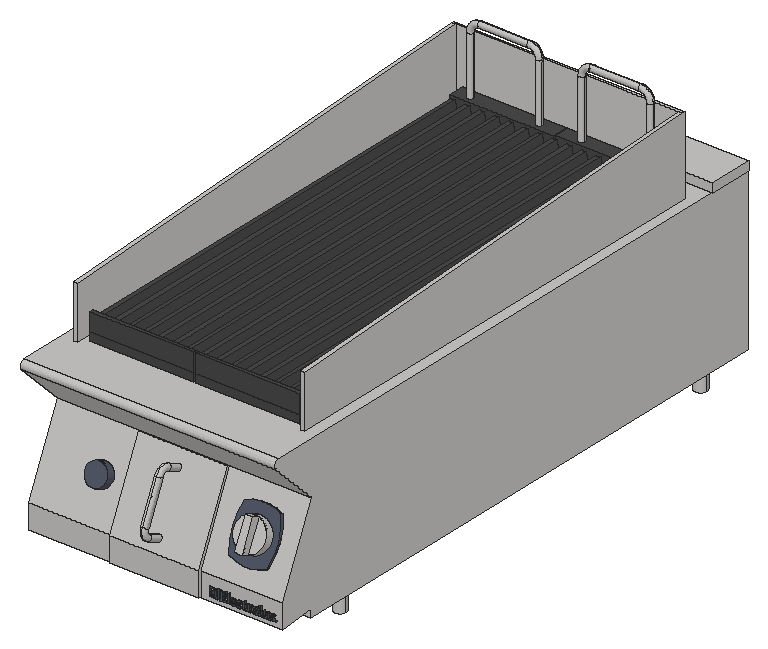
Revit family "QF_ELECTROLUXPROFESSIONAL_391219_E9GRGDGC0P", category Specialty Equipment, Revit 2018
Family settings
  Round Connector Dimension = Use Diameter
  Part Type = Normal
  Work Plane-Based = No
  Always vertical = Yes
  Cut with Voids When Loaded = No
  Shared = No
  Room Calculation Point = No
Parameters
  Width = 400 mm  # constant formula
  Weight in Pounds = 60  # constant formula
  Watts = 0 W
  URL Cutsheet = "www.electrolux.com"
  URL = "www.electrolux.com"
  Type Mark [instance] = ""
  Status [instance] = ""
  Specification by User [instance] = ""
  Specification by Manufacturer = ""
  Show Logo [instance] = yes
  Show Clearance [instance] = yes
  Serial Number = ""
  Seismic Rating = ""
  SMACNA No = ""
  Revision Code [instance] = ""
  Omniclass Number and Title = ""
  NAFEM Spec ID Number = ""
  Model = "391219"
  Mechanical Remarks [instance] = ""
  Mechanical Connection Type [instance] = ""
  Masterspec = ""
  Manufacturer = "ELECTROLUX"
  Item Number [instance] = ""
  Installed By [instance] = ""
  Identify Quantity as Lot [instance] = yes
  HP = "0 HP"
  Gas Size = 3/4"
  Gas RI Height [instance] = 0 mm
  Gas KW [instance] = 10.5  # constant formula
  Gas Input [instance] = 35794.5 Btu/h
  Gas Connection Height = 0 mm
  Furnished By [instance] = ""
  Foodservice Equipment Identifier [instance] = yes
  Direct Waste Size = 0"
  Description = "900XP HALF MODULE GAS POWERGRILL TOP HP -NATURAL/LPG GAS"
  Depth = 930 mm  # constant formula
  CSI MasterFormat = ""
  CSI Master Format = ""
  Base Height [instance] = 0 mm
Reference planes
  plane 1 "BACK": y = 0
  plane 2: z = 0
  plane 3 "LEFT": x = 0
  plane 4 "RIGHT": x = 400
  plane 5 "FRONT": y = -930
  plane 6 "TOP": z = 275
  plane 7 "Center Y": x = 200
  plane 8 "Center X": y = -465
  plane 9: z = 24
  plane 10: z = 424
  plane 11: x = 11
  plane 12: y = -1690
  plane 13: y = -80
  plane 14: y = -788
  plane 15: y = -941
  plane 16: x = 389
Forms (mm)
  Extrusion 1, solid, material "QF_Finishes_Black"
    sketch origin (52.271, -831.985, 287.7) x (-0.153405, 0, 0.988163) y (-0.988163, 0, -0.153405)
      loop
        line (31.654, 12.538) -> (2.646, 17.041) -> (-22.417, -144.4) -> (6.591, -148.903) -> (31.654, 12.538)
      loop
        line (-47.971, -309.003) -> (-18.962, -313.506) -> (6.1, -152.065) -> (-22.908, -147.562) -> (-47.971, -309.003)
    from 5 to 0
  Extrusion 2, solid, material "QF_Finishes_Stainless Steel"
    sketch origin (0, 0, 0) x (0, 1, 0) y (0, 0, 1)
      loop
        line (0, 275) -> (-922.639, 275)
        arc (-922.639, 275) -> (-929.44, 270.456) -> (-927.844, 262.434) r 7.361
        line (-927.844, 262.434) -> (-857.044, 191.634) -> (-913.4, 69.19) -> (-913.4, 31.09) -> (-860.028, 36.7) -> (-860.028, 24) -> (0, 24) -> (0, 275)
    from 0 to 400
  Extrusion 3, solid, material "QF_Finishes_Stainless Steel"
    sketch origin (0, 0, 0) x (1, 0, 0) y (0, 1, 0)
      loop
        circle (11, -80) r 9.525
      loop
        circle (11, -788) r 9.525
      loop
        circle (389, -80) r 9.525
      loop
        circle (389, -788) r 9.525
    from 0 to 24
  Extrusion 4, solid, material "QF_Finishes_Stainless Steel"
    sketch origin (151.15, -199.714, 0) x (0, 1, 0) y (0, 0, 1)
      loop
        line (-657.416, 191.447) -> (-660.323, 192.784) -> (-716.972, 69.704) -> (-716.972, 30.903) -> (-713.772, 30.903) -> (-713.772, 69.003) -> (-657.416, 191.447)
    from -21.15 to 118.85
  Sweep 5, solid, material "QF_Finishes_Stainless Steel"
    path origin (200, 175.397, 1219.2) x (0, 1, 0) y (0, 0, 1)
      loop
        line (-1045.726, -1048.776) -> (-1066.355, -1039.282)
        arc (-1066.355, -1039.282) -> (-1076.068, -1038.906) -> (-1083.202, -1045.508) r 12.7
        line (-1083.202, -1045.508) -> (-1110.749, -1105.361)
        arc (-1110.749, -1105.361) -> (-1111.125, -1115.074) -> (-1104.523, -1122.207) r 12.7
        line (-1104.523, -1122.207) -> (-1083.894, -1131.702)
    profile origin (200, -880.643, 175.171) x (0, -0.418102, -0.9084) y (1, 0, 0)
      loop
        circle (0, 0) r 4.572
  Extrusion 6, solid, material "QF_Finishes_Navy Blue"
    sketch origin (653.031, -927.103, 39.419) x (0, 0.418102, 0.9084) y (-1, 0, 0)
      loop
        circle (98.862, 559.801) r 17.8
    from 0 to 12.7
  Extrusion 7, solid, material "QF_Door-Drawer Clearances", visible <- "Show Clearance", detail levels coarse
    sketch origin (200, 175.397, 1219.2) x (0, 1, 0) y (0, 0, 1)
      loop
        line (-1035.434, -1026.416) -> (-1784.369, -1026.416) -> (-1841.019, -1149.496) -> (-1841.019, -1188.297) -> (-1092.084, -1188.297) -> (-1092.084, -1149.496) -> (-1035.434, -1026.416)
    from 70 to -70
  Extrusion 8, solid, material "QF_Finishes_Navy Blue"
    sketch origin (-203.02, -913.486, 69.003) x (0, 0.418102, 0.9084) y (-1, 0, 0)
      loop
        arc (102.623, -510.47) -> (67.041, -502.846) -> (31.333, -509.853) r 90.5
        arc (31.333, -509.853) -> (24.507, -539.04) -> (31.333, -568.228) r 65.817
        arc (31.333, -568.228) -> (67.04, -575.188) -> (102.623, -567.615) r 91.066
        arc (102.623, -567.615) -> (109.179, -539.043) -> (102.623, -510.47) r 65.546
    from 0 to 3.175
  Extrusion 9, solid, material "QF_Finishes_Stainless Steel"
    sketch origin (175.73, -917.2, 68.529) x (0, 0.418102, 0.9084) y (-1, 0, 0)
      loop
        circle (68.826, -160.963) r 25.4
    from 0 to 12.7
  Extrusion 10, solid, material "QF_Finishes_Stainless Steel"
    sketch origin (175.73, -928.736, 73.839) x (0, 0.418102, 0.9084) y (-1, 0, 0)
      loop
        arc (93.558, -166.749) -> (94.226, -160.963) -> (93.558, -155.177) r 25.4
        line (93.558, -155.177) -> (44.094, -155.177)
        arc (44.094, -155.177) -> (43.426, -160.963) -> (44.094, -166.749) r 25.4
        line (44.094, -166.749) -> (93.558, -166.749)
    from 0 to 12.7
  Sweep 11, solid, material "QF_Door-Drawer Clearances", visible <- "Show Clearance", detail levels coarse
    path origin (200, 175.397, 1219.2) x (0, 1, 0) y (0, 0, 1)
      loop
        line (-1794.661, -1048.776) -> (-1815.29, -1039.282)
        arc (-1815.29, -1039.282) -> (-1825.003, -1038.906) -> (-1832.136, -1045.508) r 12.7
        line (-1832.136, -1045.508) -> (-1859.684, -1105.361)
        arc (-1859.684, -1105.361) -> (-1860.06, -1115.074) -> (-1853.457, -1122.207) r 12.7
        line (-1853.457, -1122.207) -> (-1832.829, -1131.702)
    profile origin (200, -1629.578, 175.171) x (0, -0.418102, -0.9084) y (1, 0, 0)
      loop
        circle (0, 0) r 4.572
  Extrusion 12, solid, material "QF_Finishes_Stainless Steel"
    sketch origin (35.025, -104.885, 275) x (0, 0, 1) y (1, 0, 0)
      loop
        line (0, -16.35) -> (121.363, -16.35) -> (121.363, 346.3) -> (0, 346.3) -> (0, -16.35)
    from 0 to 3.2
  Extrusion 13, solid, material "QF_Finishes_Stainless Steel"
    sketch origin (0, -101.6, 24) x (-1, 0, 0) y (0, 1, 0)
      loop
        circle (-347.9, -561.4) r 6.35
    from 0 to 9
  Extrusion 14, solid, material "QF_Finishes_Stainless Steel"
    sketch origin (25.025, -104.885, 396.363) x (0, -1, 0) y (0, 0, -1)
      loop
        line (0, 0) -> (743.115, 38.857) -> (743.115, 121.362) -> (0, 121.363) -> (0, 0)
    from 0 to -6.35
  Extrusion 15, solid, material "QF_Finishes_Stainless Steel"
    sketch origin (374.975, -104.885, 396.363) x (0, -1, 0) y (0, 0, 1)
      loop
        line (0, 0) -> (0, -121.363) -> (743.115, -121.362) -> (743.115, -38.857) -> (0, 0)
    from 0 to -6.35
  Sweep 16, solid, material "QF_Finishes_Stainless Steel"
    path origin (-10.789, -118.772, 31.265) x (0, 0, 1) y (-1, 0, 0)
      loop
        line (280.79, -69.374) -> (372.677, -69.374)
        arc (372.677, -69.374) -> (383.453, -73.837) -> (387.917, -84.614) r 15.24
        line (387.917, -84.614) -> (387.917, -162.056)
        arc (387.917, -162.056) -> (383.453, -172.833) -> (372.677, -177.296) r 15.24
        line (372.677, -177.296) -> (280.79, -177.296)
    profile origin (58.585, -118.772, 357.999) x (-1, 0, 0) y (0, -1, 0)
      loop
        circle (0, 0) r 4.572
  Sweep 17, solid, material "QF_Finishes_Stainless Steel"
    path origin (410.789, -118.772, 31.265) x (0, 0, 1) y (-1, 0, 0)
      loop
        line (280.79, 69.374) -> (372.677, 69.374)
        arc (372.677, 69.374) -> (383.453, 73.837) -> (387.917, 84.614) r 15.24
        line (387.917, 84.614) -> (387.917, 162.056)
        arc (387.917, 162.056) -> (383.453, 172.833) -> (372.677, 177.296) r 15.24
        line (372.677, 177.296) -> (280.79, 177.296)
    profile origin (341.415, -118.772, 357.999) x (-1, 0, 0) y (0, -1, 0)
      loop
        circle (0, 0) r 4.572
  Extrusion 18, solid, material "QF_Finishes_Black"
    sketch origin (0, 0, 275) x (0, -1, 0) y (1, 0, 0)
      loop
        line (836.985, 198.45) -> (130.285, 198.45) -> (130.285, 35.025) -> (836.985, 35.025) -> (836.985, 198.45)
      loop
        line (836.985, 201.55) -> (836.985, 364.975) -> (130.285, 364.975) -> (130.285, 201.55) -> (836.985, 201.55)
    from 0 to 12.7
  Extrusion 19, solid, material "QF_Finishes_Black"
    sketch origin (0, 0, 287.7) x (0, -1, 0) y (1, 0, 0)
      loop
        line (104.885, 198.45) -> (104.885, 35.025) -> (130.285, 35.025) -> (130.285, 198.45) -> (104.885, 198.45)
      loop
        line (130.285, 201.55) -> (130.285, 364.975) -> (104.885, 364.975) -> (104.885, 201.55) -> (130.285, 201.55)
    from 0 to 24.356
  Extrusion 20, solid, material "QF_Finishes_Stainless Steel"
    sketch origin (0, 0, 275) x (0, -1, 0) y (1, 0, 0)
      loop
        line (0, 400) -> (0, 0) -> (69.85, 0) -> (69.85, 400) -> (0, 400)
    from 0 to 15
  Extrusion 21, solid, material "QF_Clearances", visible <- "Show Clearance", detail levels coarse
    sketch origin (0, 0, 0) x (1, 0, 0) y (0, 1, 0)
      loop
        line (400, -930) -> (552, -930) -> (552, 203) -> (-152, 203) -> (-152, -930) -> (0, -930) -> (0, 0) -> (400, 0) -> (400, -930)
    from 0 to 424
  Extrusion 22, solid, material "QF_Finishes_Navy Blue", visible <- "Show Logo"
    sketch origin (0, -913.4, 31.09) x (0, 0, 1) y (-1, 0, 0)
      loop
        line (20.486, -293.797) -> (8.12, -293.797)
        arc (8.12, -293.797) -> (14.303, -298.368) -> (20.486, -293.797) r 6.467
      loop
        arc (20.486, -293.168) -> (19.317, -288.025) -> (14.662, -285.547) r 6.338
        line (14.662, -285.547) -> (14.662, -287.593)
        arc (14.662, -287.593) -> (16.145, -291.248) -> (19.591, -293.168) r 5.941
        line (19.591, -293.168) -> (20.486, -293.168)
      loop
        arc (9.015, -293.168) -> (12.461, -291.248) -> (13.945, -287.593) r 5.941
        line (13.945, -287.593) -> (13.945, -285.547)
        arc (13.945, -285.547) -> (9.25, -288.021) -> (7.961, -293.168) r 6.504
        line (7.961, -293.168) -> (9.015, -293.168)
      loop
        line (21.161, -285.078) -> (7.417, -285.078) -> (7.417, -298.841) -> (21.161, -298.841) -> (21.161, -285.078)
      loop
        arc (21.245, -301.808) -> (20.897, -301.451) -> (20.53, -301.789) r 0.358
        arc (20.53, -301.789) -> (20.216, -302.539) -> (19.499, -302.924) r 1.216
        line (19.499, -302.924) -> (9.087, -302.924)
        arc (9.087, -302.924) -> (8.427, -302.646) -> (8.031, -302.05) r 1.238
        arc (8.031, -302.05) -> (7.636, -301.799) -> (7.33, -302.153) r 0.358
        line (7.33, -302.153) -> (7.33, -312.032) -> (10.081, -312.032) -> (10.081, -311.135)
        arc (10.081, -311.135) -> (9.172, -310.555) -> (8.717, -309.578) r 1.928
        line (8.717, -309.578) -> (8.717, -307.079)
        arc (8.717, -307.079) -> (8.992, -306.35) -> (9.681, -305.986) r 1.101
        line (9.681, -305.986) -> (13.767, -305.986) -> (13.767, -309.659)
        arc (13.767, -309.659) -> (13.415, -310.157) -> (12.849, -310.384) r 1.083
        arc (12.849, -310.384) -> (12.586, -310.69) -> (12.878, -310.968) r 0.292
        line (12.878, -310.968) -> (15.84, -310.968)
        arc (15.84, -310.968) -> (16.143, -310.695) -> (15.904, -310.365) r 0.305
        arc (15.904, -310.365) -> (15.414, -310.117) -> (15.109, -309.659) r 1.083
        line (15.109, -309.659) -> (15.109, -305.986) -> (19.786, -305.986) -> (19.786, -309.733)
        arc (19.786, -309.733) -> (19.572, -310.489) -> (18.965, -310.987) r 1.314
        arc (18.965, -310.987) -> (18.746, -311.391) -> (19.101, -311.683) r 0.361
        line (19.101, -311.683) -> (21.245, -311.683) -> (21.245, -301.808)
      loop
        arc (20.528, -312.464) -> (20.147, -313.383) -> (19.229, -313.763) r 1.299
        line (19.229, -313.763) -> (9.65, -313.763)
        arc (9.65, -313.763) -> (8.812, -313.385) -> (8.54, -312.507) r 1.118
        line (8.54, -312.507) -> (7.33, -312.507) -> (7.33, -317.857) -> (8.519, -317.857)
        arc (8.519, -317.857) -> (8.79, -316.94) -> (9.66, -316.544) r 1.153
        line (9.66, -316.544) -> (21.733, -316.544) -> (20.528, -312.464)
      loop
        line (12.295, -320.493) -> (12.295, -326.941) -> (13.094, -326.941)
        arc (13.094, -326.941) -> (15.675, -325.956) -> (16.943, -323.502) r 3.874
        line (16.943, -323.502) -> (16.943, -321.742)
        arc (16.943, -321.742) -> (15.757, -318.877) -> (12.892, -317.691) r 4.051
        line (12.892, -317.691) -> (10.884, -317.691)
        arc (10.884, -317.691) -> (8.066, -319.176) -> (7.014, -322.183) r 4.352
        arc (7.014, -322.183) -> (7.378, -324.646) -> (8.756, -326.72) r 5.713
        line (8.756, -326.72) -> (9.705, -326.72)
        arc (9.705, -326.72) -> (8.972, -325.151) -> (8.756, -323.433) r 5.579
        arc (8.756, -323.433) -> (9.55, -321.47) -> (11.429, -320.493) r 3.057
        line (11.429, -320.493) -> (12.295, -320.493)
      loop
        line (13.554, -320.493) -> (13.554, -324.075)
        arc (13.554, -324.075) -> (15.011, -324.122) -> (15.894, -322.963) r 1.59
        line (15.894, -322.963) -> (15.894, -322.133)
        arc (15.894, -322.133) -> (15.03, -320.878) -> (13.554, -320.493) r 2.184
      loop
        arc (16.345, -336.358) -> (16.834, -334.684) -> (16.992, -332.947) r 9.023
        line (16.992, -332.947) -> (16.992, -331.585)
        arc (16.992, -331.585) -> (15.832, -328.785) -> (13.033, -327.626) r 3.959
        line (13.033, -327.626) -> (10.432, -327.626)
        arc (10.432, -327.626) -> (8.151, -328.918) -> (7.033, -331.291) r 4.331
        line (7.033, -331.291) -> (7.033, -333.426)
        arc (7.033, -333.426) -> (7.542, -334.976) -> (8.463, -336.322) r 5.772
        arc (8.463, -336.322) -> (9.225, -336.373) -> (9.311, -335.614) r 0.553
        arc (9.311, -335.614) -> (8.924, -334.88) -> (8.79, -334.061) r 2.573
        line (8.79, -334.061) -> (8.79, -332.546)
        arc (8.79, -332.546) -> (9.796, -330.904) -> (11.61, -330.262) r 2.884
        line (11.61, -330.262) -> (12.889, -330.262)
        arc (12.889, -330.262) -> (14.71, -330.822) -> (15.637, -332.487) r 2.554
        line (15.637, -332.487) -> (15.637, -333.54)
        arc (15.637, -333.54) -> (15.305, -334.468) -> (14.648, -335.203) r 2.564
        arc (14.648, -335.203) -> (14.427, -335.92) -> (15.036, -336.358) r 0.643
        line (15.036, -336.358) -> (16.345, -336.358)
      loop
        line (15.327, -336.628) -> (15.327, -338.129) -> (9.279, -338.129)
        arc (9.279, -338.129) -> (7.691, -338.787) -> (7.033, -340.375) r 2.246
        line (7.033, -340.375) -> (7.033, -341.959)
        arc (7.033, -341.959) -> (7.347, -342.823) -> (7.848, -343.595) r 4.06
        arc (7.848, -343.595) -> (8.58, -343.728) -> (8.832, -343.027) r 0.576
        arc (8.832, -343.027) -> (8.726, -342.501) -> (8.79, -341.969) r 1.69
        arc (8.79, -341.969) -> (9.331, -341.181) -> (10.238, -340.878) r 1.506
        line (10.238, -340.878) -> (15.376, -340.878) -> (15.376, -343.275) -> (15.932, -343.831) -> (16.754, -343.831) -> (16.754, -340.972) -> (19.985, -340.972) -> (15.327, -336.628)
      loop
        line (7.251, -344.729) -> (7.251, -350.116) -> (8.361, -350.116)
        arc (8.361, -350.116) -> (8.755, -349.165) -> (9.706, -348.771) r 1.345
        line (9.706, -348.771) -> (13.322, -348.771)
        arc (13.322, -348.771) -> (14.087, -349.363) -> (14.376, -350.285) r 1.615
        line (14.376, -350.285) -> (14.376, -351.841) -> (16.932, -352.526) -> (16.932, -351.143) -> (14.989, -348.584) -> (16.87, -348.584) -> (16.585, -345.878)
        arc (16.585, -345.878) -> (16.146, -345.348) -> (15.487, -345.549) r 0.621
        arc (15.487, -345.549) -> (15.086, -345.891) -> (14.592, -346.074) r 1.501
        line (14.592, -346.074) -> (9.706, -346.074)
        arc (9.706, -346.074) -> (8.755, -345.68) -> (8.361, -344.729) r 1.345
        line (8.361, -344.729) -> (7.251, -344.729)
      loop
        line (13.353, -352.063) -> (10.66, -352.063)
        arc (10.66, -352.063) -> (8.215, -353.371) -> (7.081, -355.901) r 4.288
        arc (7.081, -355.901) -> (7.018, -357.282) -> (7.081, -358.662) r 15.022
        arc (7.081, -358.662) -> (8.215, -361.193) -> (10.66, -362.5) r 4.288
        line (10.66, -362.5) -> (13.353, -362.5)
        arc (13.353, -362.5) -> (15.798, -361.193) -> (16.932, -358.662) r 4.288
        arc (16.932, -358.662) -> (16.996, -357.282) -> (16.932, -355.901) r 15.022
        arc (16.932, -355.901) -> (15.798, -353.371) -> (13.353, -352.063) r 4.288
      loop
        line (13.557, -355.177) -> (10.456, -355.177)
        arc (10.456, -355.177) -> (8.299, -357.334) -> (10.456, -359.491) r 2.157
        line (10.456, -359.491) -> (13.557, -359.491)
        arc (13.557, -359.491) -> (15.714, -357.334) -> (13.557, -355.177) r 2.157
      loop
        arc (20.538, -362.358) -> (20.168, -363.252) -> (19.274, -363.623) r 1.264
        line (19.274, -363.623) -> (9.409, -363.623)
        arc (9.409, -363.623) -> (8.539, -363.226) -> (8.268, -362.31) r 1.153
        line (8.268, -362.31) -> (7.33, -362.31) -> (7.33, -367.418) -> (8.259, -367.418)
        arc (8.259, -367.418) -> (8.618, -366.646) -> (9.409, -366.331) r 1.153
        line (9.409, -366.331) -> (21.733, -366.331) -> (20.538, -362.358)
      loop
        arc (15.658, -366.956) -> (15.459, -368.02) -> (14.49, -368.502) r 1.215
        line (14.49, -368.502) -> (9.47, -368.502)
        arc (9.47, -368.502) -> (7.856, -369.149) -> (7.135, -370.732) r 2.338
        line (7.135, -370.732) -> (7.135, -372.247)
        arc (7.135, -372.247) -> (7.309, -373.251) -> (7.812, -374.137) r 2.979
        line (7.812, -374.137) -> (7.33, -375.934) -> (7.33, -377.622) -> (16.756, -377.622) -> (16.462, -373.419) -> (15.675, -373.419)
        arc (15.675, -373.419) -> (15.32, -374.255) -> (14.567, -374.764) r 1.605
        line (14.567, -374.764) -> (9.465, -374.764)
        arc (9.465, -374.764) -> (9.044, -373.827) -> (8.972, -372.803) r 2.94
        arc (8.972, -372.803) -> (9.532, -371.702) -> (10.686, -371.259) r 1.724
        line (10.686, -371.259) -> (16.882, -371.259) -> (15.658, -366.956)
      loop
        line (16.687, -378.476) -> (15.014, -380.522) -> (11.841, -382.828) -> (8.384, -379.716)
        arc (8.384, -379.716) -> (8.147, -379.322) -> (8.169, -378.863) r 0.789
        line (8.169, -378.863) -> (7.33, -378.863) -> (7.33, -382.408) -> (8.157, -382.408)
        arc (8.157, -382.408) -> (8.499, -382.046) -> (8.989, -382.138) r 0.52
        line (8.989, -382.138) -> (10.789, -383.609) -> (8.67, -384.985)
        arc (8.67, -384.985) -> (8.269, -384.675) -> (8.183, -384.175) r 0.7
        line (8.183, -384.175) -> (7.33, -384.175) -> (7.33, -390.102) -> (8.217, -390.102)
        arc (8.217, -390.102) -> (8.284, -389.443) -> (8.679, -388.912) r 1.247
        line (8.679, -388.912) -> (12.878, -385.631) -> (15.326, -387.684) -> (16.687, -389.426) -> (16.687, -385.702) -> (15.202, -386.125) -> (13.68, -384.848) -> (15.38, -383.658) -> (16.687, -384.434) -> (16.687, -378.476)
    from 0 to 1.644
  Extrusion 23, solid, material "QF_Finishes_Stainless Steel"
    sketch origin (0, 0, 274.825) x (0, 0, -1) y (-1, 0, 0)
      loop
        circle (220.85, -347.613) r 9.525
    from -50.8 to -54
Cuts and joins
  joined: Extrusion 12, Extrusion 14, Extrusion 15
Lines and regions (mm)
  Split face 1
    outline origin (-203.02, -916.37, 70.33) x (0, 0.418102, 0.9084) y (-1, 0, 0)
      loop
        arc (67.041, -503.158) -> (48.669, -506.69) -> (35.363, -519.842) r 32.191
        line (35.363, -519.842) -> (45.047, -525.087)
        arc (45.047, -525.087) -> (54.648, -516.737) -> (67.041, -513.859) r 26.351
        line (67.041, -513.859) -> (67.041, -503.158)
  Split face 2
    outline origin (-203.02, -916.37, 70.33) x (0, 0.418102, 0.9084) y (-1, 0, 0)
      loop
        line (44.251, -526.293) -> (34.615, -521.075)
        arc (34.615, -521.075) -> (41.047, -560.592) -> (81.049, -562.261) r 31.684
        arc (81.049, -562.261) -> (48.21, -559.05) -> (44.251, -526.293) r 26.351
  symbolic lines, style "QF_Door-Drawer Clearances"
    curve 1: line (270, -1665.621, 0) -> (270, -930, 0)
    curve 2: line (270, -1665.621, 0) -> (218.222, -1665.621, 0)
    curve 3: line (130, -1665.621, 0) -> (130, -930, 0)
    curve 4: spline (213.65, -1617.352, 0) -> (214.247, -1617.369, 0) -> (214.833, -1617.417, 0) -> (215.4, -1617.498, 0) -> (215.936, -1617.608, 0) -> (216.433, -1617.747, 0) -> (216.883, -1617.912, 0) -> (217.277, -1618.1, 0) -> (217.609, -1618.308, 0) -> (217.874, -1618.532, 0) -> (218.066, -1618.769, 0) -> (218.183, -1619.014, 0) -> (218.222, -1619.264, 0)
    curve 5: spline (209.078, -1619.264, 0) -> (209.117, -1619.014, 0) -> (209.234, -1618.769, 0) -> (209.426, -1618.532, 0) -> (209.691, -1618.308, 0) -> (210.023, -1618.1, 0) -> (210.417, -1617.912, 0) -> (210.867, -1617.747, 0) -> (211.364, -1617.608, 0) -> (211.9, -1617.498, 0) -> (212.467, -1617.417, 0) -> (213.053, -1617.369, 0) -> (213.65, -1617.352, 0)
    curve 6: line (218.222, -1619.264, 0) -> (218.222, -1685.435, 0)
    curve 7: line (209.078, -1619.264, 0) -> (209.078, -1685.435, 0)
    curve 8: arc (209.078, -1685.435, 0) -> (213.65, -1690.007, 0) -> (218.222, -1685.435, 0) r 4.572
    curve 9: line (209.078, -1665.621, 0) -> (130, -1665.621, 0)
  symbolic lines
    curve 10: line (0, 0, 0) -> (0, -930, 0)
    curve 11: line (219.938, -130.285, 0) -> (198.45, -130.285, 0)
    curve 12: line (233.404, -123.365, 0) -> (341.02, -123.365, 0)
    curve 13: line (233.404, -114.221, 0) -> (341.02, -114.221, 0)
    curve 14: arc (341.02, -114.221, 0) -> (345.592, -118.793, 0) -> (341.02, -123.365, 0) r 4.572
    curve 15: arc (233.404, -114.221, 0) -> (228.832, -118.793, 0) -> (233.404, -123.365, 0) r 4.572
    curve 16: line (36.625, -130.285, 0) -> (216.737, -130.285, 0)
    curve 17: line (58.584, -123.344, 0) -> (166.539, -123.344, 0)
    curve 18: line (58.584, -114.2, 0) -> (166.539, -114.2, 0)
    curve 19: arc (166.539, -114.2, 0) -> (171.111, -118.772, 0) -> (166.539, -123.344, 0) r 4.572
    curve 20: arc (58.584, -114.2, 0) -> (54.012, -118.772, 0) -> (58.584, -123.344, 0) r 4.572
    curve 24: line (0, 0, 0) -> (400, 0, 0)
    curve 25: line (400, 0, 0) -> (400, -930, 0)
    curve 26: line (400, -930, 0) -> (0, -930, 0)
    curve 27: line (0, -69.85, 0) -> (400, -69.85, 0)
    curve 28: line (381.325, -101.685, 0) -> (18.675, -101.685, 0)
    curve 29: line (18.675, -101.685, 0) -> (18.675, -104.885, 0)
    curve 30: line (18.675, -104.885, 0) -> (25.025, -104.885, 0)
    curve 31: line (25.025, -104.885, 0) -> (374.975, -104.885, 0)
    curve 32: line (374.975, -104.885, 0) -> (381.325, -104.885, 0)
    curve 33: line (381.325, -104.885, 0) -> (381.325, -101.685, 0)
    curve 34: line (18.675, -848, 0) -> (18.675, -104.885, 0)
    curve 35: line (25.025, -848, 0) -> (25.025, -104.885, 0)
    curve 36: line (35.025, -104.885, 0) -> (35.025, -130.285, 0)
    curve 37: line (198.45, -130.285, 0) -> (198.45, -104.885, 0)
    curve 38: line (201.55, -104.885, 0) -> (201.55, -130.285, 0)
    curve 39: line (364.975, -130.285, 0) -> (364.975, -104.885, 0)
    curve 40: line (374.975, -104.885, 0) -> (374.975, -848, 0)
    curve 41: line (381.325, -104.885, 0) -> (381.325, -848, 0)
    curve 42: line (374.975, -848, 0) -> (381.325, -848, 0)
    curve 43: line (35.025, -836.985, 0) -> (364.975, -836.985, 0)
    curve 44: line (364.975, -836.985, 0) -> (364.975, -831.985, 0)
    curve 45: line (35.025, -831.985, 0) -> (35.025, -836.985, 0)
    curve 46: line (18.675, -848, 0) -> (25.025, -848, 0)
  symbolic lines, style "QF_Clearances", visible <- "Show Clearance", detail levels coarse
    curve 21: line (552, 203, 0) -> (-152, 203, 0)
    curve 22: line (-152, 203, 0) -> (-152, -930, 0)
    curve 23: line (552, -930, 0) -> (552, 203, 0)
Dimensions and locks
  equal spacing: plane 3 "LEFT", plane 7 "Center Y", plane 4 "RIGHT"
  "Width": plane 3 "LEFT" to plane 4 "RIGHT"
  equal spacing: plane 5 "FRONT", plane 8 "Center X", plane 1 "BACK"
  "Depth": plane 5 "FRONT" to plane 1 "BACK"
  plane 6 "TOP" to level = 275 mm
  plane 9 to level = 24 mm
  plane 6 "TOP" to plane 9 = 251 mm  (x2)
  plane 10 to level = 424 mm
  plane 10 to plane 9 = 400 mm
  plane 1 "BACK" to plane 12 = 1690 mm
  plane 1 "BACK" to plane 5 "FRONT" = 930 mm
  plane 5 "FRONT" to plane 14 to plane 13 to plane 1 "BACK" = 142 mm, 708 mm, 80 mm
  plane 9 to plane 2 = 24 mm
  Extrusion 20 to plane 9 = 266 mm
  plane 12 to plane 1 "BACK" = 1690 mm
  plane 5 "FRONT" to plane 1 "BACK" = 930 mm
  plane 15 to plane 1 "BACK" = 941 mm
  Extrusion 13 to plane 9 = 9 mm
  Extrusion 13 sketch curve to plane 1 "BACK" = 663 mm
  Extrusion 23 sketch curve to plane 4 "RIGHT" = 52.388 mm
  Extrusion 23 sketch curve to level = 53.975 mm
  aligned and locked: level to plane 2
Automatic sketch dimensions
  plane 6 "TOP" to Extrusion 1 sketch curve = 12.7 mm
  plane 4 "RIGHT" to Extrusion 1 sketch curve = 35.025 mm
  Extrusion 1 sketch curve to Extrusion 1 sketch curve = 25.063 mm  (x2)
  Extrusion 1 sketch curve to Extrusion 1 sketch curve = 0.491 mm  (x2)
  Extrusion 1 sketch curve to Extrusion 1 sketch curve = 29.008 mm
  Extrusion 1 sketch curve to Extrusion 1 sketch curve = 4.503 mm
  Extrusion 1 sketch curve to Extrusion 1 sketch curve = 3.162 mm  (x2)
  Extrusion 2 sketch curve to plane 6 "TOP" = 0 mm
  Extrusion 2 sketch curve to plane 9 = 0 mm
  Extrusion 2 sketch curve to plane 1 "BACK" = 0 mm
  Extrusion 2 sketch curve to plane 5 "FRONT" = 72.956 mm
  plane 9 to Extrusion 2 sketch curve = 12.7 mm
  Extrusion 2 sketch curve to plane 5 "FRONT" = 69.972 mm
  plane 9 to Extrusion 2 sketch curve = 7.09 mm
  Extrusion 2 sketch curve to plane 5 "FRONT" = 16.6 mm
  Extrusion 2 sketch curve to plane 5 "FRONT" = 7.361 mm
  Extrusion 2 sketch curve to plane 5 "FRONT" = 2.156 mm
  Extrusion 2 sketch curve to Extrusion 2 sketch curve = 38.1 mm
  Extrusion 2 sketch curve to plane 6 "TOP" = 83.366 mm
  Extrusion 2 sketch curve to plane 6 "TOP" = 12.566 mm
  Extrusion 4 sketch curve to plane 5 "FRONT" = 13.314 mm
  Extrusion 4 sketch curve to Extrusion 4 sketch curve = 3.2 mm
  Extrusion 4 sketch curve to plane 5 "FRONT" = 69.963 mm
  Extrusion 4 sketch curve to Extrusion 4 sketch curve = 2.907 mm
  plane 9 to Extrusion 4 sketch curve = 6.903 mm
  Extrusion 4 sketch curve to Extrusion 4 sketch curve = 38.1 mm
  Extrusion 4 sketch curve to Extrusion 4 sketch curve = 0.701 mm
  plane 5 "FRONT" to Sweep 5 sketch curve = 5.352 mm
  Sweep 5 sketch curve to plane 5 "FRONT" = 0.875 mm
  Sweep 5 sketch curve to plane 5 "FRONT" = 6.185 mm
  Sweep 5 sketch curve to plane 5 "FRONT" = 21.504 mm
  Sweep 5 sketch curve to plane 5 "FRONT" = 22.196 mm
  Sweep 5 sketch curve to Sweep 5 sketch curve = 11.537 mm  (x2)
  Sweep 5 sketch curve to Sweep 5 sketch curve = 5.31 mm  (x2)
  Sweep 5 sketch curve to Sweep 5 sketch curve = 20.629 mm
  plane 9 to Sweep 5 sketch curve = 63.498 mm
  Sweep 5 sketch curve to Sweep 5 sketch curve = 9.495 mm
  Sweep 5 sketch curve to Sweep 5 sketch curve = 59.852 mm
  Sweep 5 sketch curve to Sweep 5 sketch curve = 2.042 mm
  Sweep 5 sketch curve to plane 7 "Center Y" = 0 mm
  Sweep 5 sketch curve to profile plane = 0 mm
  Extrusion 6 sketch curve to Extrusion 2 = 66.089 mm
  Extrusion 2 to Extrusion 6 sketch curve = 93.23 mm
  plane 12 to Extrusion 7 sketch curve = 24.379 mm
  plane 12 to Extrusion 7 sketch curve = 81.028 mm
  Extrusion 7 sketch curve to plane 5 "FRONT" = 13.314 mm
  Extrusion 7 sketch curve to plane 5 "FRONT" = 69.963 mm
  plane 9 to Extrusion 7 sketch curve = 6.903 mm
  Extrusion 7 sketch curve to Extrusion 7 sketch curve = 38.801 mm  (x2)
  Extrusion 7 sketch curve to plane 6 "TOP" = 82.216 mm
  plane 4 "RIGHT" to Extrusion 8 sketch curve = 93.167 mm
  plane 4 "RIGHT" to Extrusion 8 sketch curve = 34.792 mm
  Extrusion 8 sketch curve to Extrusion 8 sketch curve = 0 mm
  Extrusion 8 sketch curve to Extrusion 8 sketch curve = 12.3 mm  (x3)
  plane 4 "RIGHT" to Extrusion 8 sketch curve = 9.678 mm
  Extrusion 8 sketch curve to Extrusion 8 sketch curve = 34.925 mm  (x2)
  Extrusion 8 sketch curve to Extrusion 8 sketch curve = 46.691 mm
  Extrusion 8 sketch curve to Extrusion 8 sketch curve = 28.575 mm
  Extrusion 10 sketch curve to Extrusion 10 sketch curve = 24.732 mm
  Extrusion 10 sketch curve to Extrusion 10 sketch curve = 0 mm
  Split face 1 sketch curve to Split face 1 sketch curve = 9.684 mm
  Split face 1 sketch curve to Split face 1 sketch curve = 18.622 mm
  Split face 1 sketch curve to Split face 1 sketch curve = 2.959 mm
  Split face 1 sketch curve to Split face 1 sketch curve = 21.994 mm
  Split face 1 sketch curve to Split face 1 sketch curve = 5.035 mm
  Split face 1 sketch curve to Split face 1 sketch curve = 10.085 mm
  Split face 1 sketch curve to Split face 1 sketch curve = 5.244 mm
  Split face 2 sketch curve to Split face 2 sketch curve = 9.635 mm
  Split face 2 sketch curve to Split face 2 sketch curve = 17.821 mm
  Split face 2 sketch curve to Split face 2 sketch curve = 4.557 mm
  Split face 2 sketch curve to Split face 2 sketch curve = 14.42 mm
  Split face 2 sketch curve to Split face 2 sketch curve = 22.055 mm
  Split face 2 sketch curve to Split face 2 sketch curve = 3.318 mm
  plane 12 to Sweep 11 sketch curve = 5.713 mm
  plane 12 to Sweep 11 sketch curve = 11.94 mm
  Sweep 11 sketch curve to Sweep 11 sketch curve = 11.537 mm  (x3)
  Sweep 11 sketch curve to Sweep 11 sketch curve = 20.629 mm  (x2)
  plane 12 to Sweep 11 sketch curve = 33.261 mm
  Sweep 11 sketch curve to Sweep 11 sketch curve = 5.31 mm  (x2)
  plane 9 to Sweep 11 sketch curve = 63.498 mm
  Sweep 11 sketch curve to Sweep 11 sketch curve = 9.495 mm
  Sweep 11 sketch curve to Sweep 11 sketch curve = 59.852 mm
  Sweep 11 sketch curve to Sweep 11 sketch curve = 2.042 mm
  Sweep 11 sketch curve to plane 7 "Center Y" = 0 mm
  Sweep 11 sketch curve to profile plane = 0 mm
  Extrusion 12 sketch curve to plane 6 "TOP" = 0 mm
  Extrusion 12 sketch curve to plane 10 = 27.637 mm
  Extrusion 12 sketch curve to plane 11 = 7.675 mm
  plane 4 "RIGHT" to Extrusion 12 sketch curve = 18.675 mm
  Extrusion 13 sketch curve to Extrusion 2 = 52.1 mm
  Extrusion 14 sketch curve to plane 6 "TOP" = 0 mm
  Extrusion 14 sketch curve to plane 10 = 27.637 mm
  plane 1 "BACK" to Extrusion 14 sketch curve = 104.885 mm
  Extrusion 14 sketch curve to plane 5 "FRONT" = 82 mm
  Extrusion 14 sketch curve to plane 10 = 66.495 mm
  Extrusion 15 sketch curve to plane 6 "TOP" = 0 mm
  Extrusion 15 sketch curve to plane 10 = 27.637 mm
  plane 1 "BACK" to Extrusion 15 sketch curve = 104.885 mm
  Extrusion 15 sketch curve to plane 5 "FRONT" = 82 mm
  Extrusion 15 sketch curve to plane 10 = 66.495 mm
  plane 6 "TOP" to Sweep 16 sketch curve = 37.056 mm  (x2)
  Sweep 16 sketch curve to plane 10 = 20.058 mm  (x2)
  Sweep 16 sketch curve to plane 10 = 4.818 mm
  Sweep 16 sketch curve to plane 7 "Center Y" = 33.492 mm
  Sweep 16 sketch curve to plane 11 = 62.825 mm
  Sweep 16 sketch curve to profile plane = 0 mm
  profile plane to Sweep 16 sketch curve = 0 mm
  plane 6 "TOP" to Sweep 17 sketch curve = 37.056 mm  (x2)
  Sweep 17 sketch curve to plane 10 = 20.058 mm  (x2)
  Sweep 17 sketch curve to plane 10 = 4.818 mm
  plane 4 "RIGHT" to Sweep 17 sketch curve = 58.585 mm
  plane 7 "Center Y" to Sweep 17 sketch curve = 48.732 mm
  Sweep 17 sketch curve to profile plane = 0 mm
  profile plane to Sweep 17 sketch curve = 0 mm
  Extrusion 2 to Extrusion 18 sketch curve = 35.025 mm  (x2)
  Extrusion 2 to Extrusion 18 sketch curve = 130.285 mm
  Extrusion 18 sketch curve to Extrusion 18 sketch curve = 0 mm  (x2)
  Extrusion 2 to Extrusion 18 sketch curve = 85.654 mm
  Extrusion 18 sketch curve to Extrusion 18 sketch curve = 163.425 mm
  Extrusion 18 sketch curve to Extrusion 18 sketch curve = 3.1 mm
  Extrusion 19 sketch curve to Extrusion 18 = 0 mm  (x5)
  Extrusion 18 to Extrusion 19 sketch curve = 0 mm
  Extrusion 18 to Extrusion 19 sketch curve = 25.4 mm
  Extrusion 19 sketch curve to Extrusion 19 sketch curve = 25.4 mm
  Extrusion 20 sketch curve to Extrusion 2 = 0 mm  (x3)
  Extrusion 2 to Extrusion 20 sketch curve = 69.85 mm
  Extrusion 3 sketch curve to plane 11 = 0 mm  (x2)
  Extrusion 3 sketch curve to plane 14 = 0 mm  (x2)
  Extrusion 3 sketch curve to plane 16 = 0 mm  (x2)
  plane 13 to Extrusion 3 sketch curve = 0 mm  (x2)
  Extrusion 21 sketch curve to plane 3 "LEFT" = 0 mm
  Extrusion 21 sketch curve to plane 4 "RIGHT" = 0 mm
  Extrusion 21 sketch curve to plane 1 "BACK" = 0 mm
  Extrusion 21 sketch curve to plane 1 "BACK" = 203 mm
  Extrusion 21 sketch curve to plane 3 "LEFT" = 152 mm
  Extrusion 21 sketch curve to plane 4 "RIGHT" = 152 mm
  plane 15 to Extrusion 21 sketch curve = 11 mm  (x2)
  Extrusion 22 sketch curve to Extrusion 2 = 1.973 mm
  Extrusion 22 sketch curve to Extrusion 2 = 7.014 mm
  Extrusion 22 sketch curve to Extrusion 2 = 7.033 mm  (x2)
  Extrusion 22 sketch curve to Extrusion 22 sketch curve = 5.108 mm  (x2)
  Extrusion 22 sketch curve to Extrusion 22 sketch curve = 0 mm  (x27)
  Extrusion 22 sketch curve to Extrusion 2 = 7.135 mm
  Extrusion 22 sketch curve to Extrusion 22 sketch curve = 0.218 mm
  Extrusion 22 sketch curve to Extrusion 22 sketch curve = 0.195 mm
  Extrusion 22 sketch curve to Extrusion 22 sketch curve = 0.249 mm
  Extrusion 22 sketch curve to Extrusion 2 = 7.33 mm
  Extrusion 22 sketch curve to Extrusion 22 sketch curve = 0.087 mm
  Extrusion 22 sketch curve to Extrusion 22 sketch curve = 0.358 mm
  Extrusion 22 sketch curve to Extrusion 22 sketch curve = 0.481 mm
  Extrusion 22 sketch curve to Extrusion 22 sketch curve = 0.597 mm
  Extrusion 22 sketch curve to Extrusion 22 sketch curve = 0.544 mm
  Extrusion 22 sketch curve to Extrusion 22 sketch curve = 0.936 mm
  Extrusion 22 sketch curve to Extrusion 22 sketch curve = 0.594 mm
  Extrusion 22 sketch curve to Extrusion 22 sketch curve = 0.343 mm
  Extrusion 22 sketch curve to Extrusion 22 sketch curve = 0.159 mm
  Extrusion 22 sketch curve to Extrusion 22 sketch curve = 0.826 mm
  Extrusion 22 sketch curve to Extrusion 22 sketch curve = 0.839 mm
  Extrusion 22 sketch curve to Extrusion 22 sketch curve = 0.852 mm
  Extrusion 22 sketch curve to Extrusion 22 sketch curve = 0.887 mm
  Extrusion 22 sketch curve to Extrusion 22 sketch curve = 0.928 mm
  Extrusion 22 sketch curve to Extrusion 22 sketch curve = 0.938 mm
  Extrusion 22 sketch curve to Extrusion 22 sketch curve = 0.444 mm
  Extrusion 22 sketch curve to Extrusion 22 sketch curve = 1.11 mm  (x3)
  Extrusion 22 sketch curve to Extrusion 22 sketch curve = 0.215 mm
  Extrusion 22 sketch curve to Extrusion 22 sketch curve = 1.43 mm
  Extrusion 22 sketch curve to Extrusion 22 sketch curve = 1.188 mm
  Extrusion 22 sketch curve to Extrusion 22 sketch curve = 1.21 mm  (x2)
  Extrusion 22 sketch curve to Extrusion 22 sketch curve = 0.503 mm
  Extrusion 22 sketch curve to Extrusion 22 sketch curve = 0.488 mm
  Extrusion 22 sketch curve to Extrusion 22 sketch curve = 0.462 mm
  Extrusion 22 sketch curve to Extrusion 22 sketch curve = 1.386 mm
  Extrusion 22 sketch curve to Extrusion 22 sketch curve = 1.742 mm  (x2)
  Extrusion 22 sketch curve to Extrusion 22 sketch curve = 0.821 mm
  Extrusion 22 sketch curve to Extrusion 22 sketch curve = 0.497 mm
  Extrusion 22 sketch curve to Extrusion 22 sketch curve = 0.539 mm
  Extrusion 22 sketch curve to Extrusion 22 sketch curve = 0.686 mm
  Extrusion 22 sketch curve to Extrusion 22 sketch curve = 0.408 mm
  Extrusion 22 sketch curve to Extrusion 22 sketch curve = 0.743 mm
  Extrusion 22 sketch curve to Extrusion 22 sketch curve = 1.16 mm
  Extrusion 22 sketch curve to Extrusion 22 sketch curve = 0.329 mm
  Extrusion 22 sketch curve to Extrusion 22 sketch curve = 1.054 mm
  Extrusion 22 sketch curve to Extrusion 22 sketch curve = 1.056 mm
  Extrusion 22 sketch curve to Extrusion 22 sketch curve = 1.185 mm
  Extrusion 22 sketch curve to Extrusion 22 sketch curve = 0.489 mm
  Extrusion 22 sketch curve to Extrusion 22 sketch curve = 0.441 mm
  Extrusion 22 sketch curve to Extrusion 22 sketch curve = 1.151 mm
  Extrusion 22 sketch curve to Extrusion 22 sketch curve = 1.141 mm  (x2)
  Extrusion 22 sketch curve to Extrusion 22 sketch curve = 0.768 mm
  Extrusion 22 sketch curve to Extrusion 22 sketch curve = 1.653 mm
  Extrusion 22 sketch curve to Extrusion 22 sketch curve = 0.499 mm
  Extrusion 22 sketch curve to Extrusion 22 sketch curve = 0.964 mm
  Extrusion 22 sketch curve to Extrusion 22 sketch curve = 0.949 mm
  Extrusion 22 sketch curve to Extrusion 22 sketch curve = 1.345 mm  (x3)
  Extrusion 22 sketch curve to Extrusion 22 sketch curve = 1.101 mm
  Extrusion 22 sketch curve to Extrusion 22 sketch curve = 0.432 mm
  Extrusion 22 sketch curve to Extrusion 22 sketch curve = 1.142 mm
  Extrusion 22 sketch curve to Extrusion 22 sketch curve = 0.959 mm
  Extrusion 22 sketch curve to Extrusion 22 sketch curve = 0.176 mm
  Extrusion 22 sketch curve to Extrusion 22 sketch curve = 0.728 mm
  Extrusion 22 sketch curve to Extrusion 22 sketch curve = 3.375 mm  (x2)
  Extrusion 22 sketch curve to Extrusion 22 sketch curve = 1.905 mm
  Extrusion 22 sketch curve to Extrusion 22 sketch curve = 0.955 mm
  Extrusion 22 sketch curve to Extrusion 22 sketch curve = 1.251 mm
  Extrusion 22 sketch curve to Extrusion 22 sketch curve = 0.572 mm
  Extrusion 22 sketch curve to Extrusion 22 sketch curve = 1.92 mm
  Extrusion 22 sketch curve to Extrusion 22 sketch curve = 1.224 mm
  Extrusion 22 sketch curve to Extrusion 22 sketch curve = 0.745 mm
  Extrusion 22 sketch curve to Extrusion 22 sketch curve = 2.537 mm
  Extrusion 22 sketch curve to Extrusion 22 sketch curve = 0.896 mm  (x3)
  Extrusion 22 sketch curve to Extrusion 22 sketch curve = 0.036 mm
  Extrusion 22 sketch curve to Extrusion 22 sketch curve = 2.607 mm
  Extrusion 22 sketch curve to Extrusion 22 sketch curve = 0.066 mm
  Extrusion 22 sketch curve to Extrusion 22 sketch curve = 0.248 mm
  Extrusion 22 sketch curve to Extrusion 22 sketch curve = 0.449 mm
  Extrusion 22 sketch curve to Extrusion 22 sketch curve = 1.052 mm
  Extrusion 22 sketch curve to Extrusion 22 sketch curve = 1.863 mm
  Extrusion 22 sketch curve to Extrusion 22 sketch curve = 1.31 mm  (x2)
  Extrusion 22 sketch curve to Extrusion 22 sketch curve = 0.901 mm
  Extrusion 22 sketch curve to Extrusion 22 sketch curve = 1.107 mm
  Extrusion 22 sketch curve to Extrusion 22 sketch curve = 2.122 mm
  Extrusion 22 sketch curve to Extrusion 22 sketch curve = 2.101 mm
  Extrusion 22 sketch curve to Extrusion 22 sketch curve = 0.106 mm
  Extrusion 22 sketch curve to Extrusion 22 sketch curve = 0.029 mm
  Extrusion 22 sketch curve to Extrusion 22 sketch curve = 2.09 mm
  Extrusion 22 sketch curve to Extrusion 22 sketch curve = 1.279 mm
  Extrusion 22 sketch curve to Extrusion 22 sketch curve = 2.008 mm
  Extrusion 22 sketch curve to Extrusion 22 sketch curve = 0.738 mm
  Extrusion 22 sketch curve to Extrusion 22 sketch curve = 0.382 mm
  Extrusion 22 sketch curve to Extrusion 22 sketch curve = 0.384 mm
  Extrusion 22 sketch curve to Extrusion 22 sketch curve = 0.002 mm
  Extrusion 22 sketch curve to Extrusion 22 sketch curve = 0.561 mm
  Extrusion 22 sketch curve to Extrusion 22 sketch curve = 0.592 mm
  Extrusion 22 sketch curve to Extrusion 22 sketch curve = 2.692 mm
  Extrusion 22 sketch curve to Extrusion 22 sketch curve = 1.259 mm
  Extrusion 22 sketch curve to Extrusion 22 sketch curve = 0.802 mm
  Extrusion 22 sketch curve to Extrusion 22 sketch curve = 1.024 mm
  Extrusion 22 sketch curve to Extrusion 22 sketch curve = 0.682 mm
  Extrusion 22 sketch curve to Extrusion 22 sketch curve = 5.934 mm
  Extrusion 22 sketch curve to Extrusion 22 sketch curve = 2.186 mm
  Extrusion 22 sketch curve to Extrusion 22 sketch curve = 0.337 mm
  Extrusion 22 sketch curve to Extrusion 22 sketch curve = 0.021 mm
  Extrusion 22 sketch curve to Extrusion 22 sketch curve = 1.005 mm
  Extrusion 22 sketch curve to Extrusion 22 sketch curve = 0.552 mm
  Extrusion 22 sketch curve to Extrusion 22 sketch curve = 0.778 mm
  Extrusion 22 sketch curve to Extrusion 22 sketch curve = 0.063 mm
  Extrusion 22 sketch curve to Extrusion 22 sketch curve = 1.023 mm
  Extrusion 22 sketch curve to Extrusion 22 sketch curve = 3.804 mm
  Extrusion 22 sketch curve to Extrusion 22 sketch curve = 0.486 mm
  Extrusion 22 sketch curve to Extrusion 22 sketch curve = 0.266 mm
  Extrusion 22 sketch curve to Extrusion 22 sketch curve = 1.547 mm
  Extrusion 22 sketch curve to Extrusion 22 sketch curve = 0.717 mm  (x2)
  Extrusion 22 sketch curve to Extrusion 22 sketch curve = 1.667 mm
  Extrusion 22 sketch curve to Extrusion 22 sketch curve = 3.174 mm
  Extrusion 22 sketch curve to Extrusion 22 sketch curve = 0.388 mm
  Extrusion 22 sketch curve to Extrusion 22 sketch curve = 1.342 mm
  Extrusion 22 sketch curve to Extrusion 22 sketch curve = 1.521 mm
  Extrusion 22 sketch curve to Extrusion 22 sketch curve = 0.124 mm
  Extrusion 22 sketch curve to Extrusion 22 sketch curve = 0.291 mm
  Extrusion 22 sketch curve to Extrusion 22 sketch curve = 1.049 mm  (x2)
  Extrusion 22 sketch curve to Extrusion 22 sketch curve = 1.7 mm
  Extrusion 22 sketch curve to Extrusion 22 sketch curve = 0.894 mm
  Extrusion 22 sketch curve to Extrusion 22 sketch curve = 0.989 mm
  Extrusion 22 sketch curve to Extrusion 22 sketch curve = 1.168 mm
  Extrusion 22 sketch curve to Extrusion 22 sketch curve = 1.594 mm
  Extrusion 22 sketch curve to Extrusion 22 sketch curve = 0.731 mm
  Extrusion 22 sketch curve to Extrusion 22 sketch curve = 1.566 mm
  Extrusion 22 sketch curve to Extrusion 22 sketch curve = 0.064 mm
  Extrusion 22 sketch curve to Extrusion 22 sketch curve = 0.556 mm  (x2)
  Extrusion 22 sketch curve to Extrusion 22 sketch curve = 0.48 mm
  Extrusion 22 sketch curve to Extrusion 22 sketch curve = 0.228 mm
  Extrusion 22 sketch curve to Extrusion 22 sketch curve = 1.018 mm
  Extrusion 22 sketch curve to Extrusion 22 sketch curve = 0.787 mm
  Extrusion 22 sketch curve to Extrusion 22 sketch curve = 0.618 mm
  Extrusion 22 sketch curve to Extrusion 22 sketch curve = 1.672 mm
  Extrusion 22 sketch curve to Extrusion 22 sketch curve = 1.361 mm
  Extrusion 22 sketch curve to Extrusion 22 sketch curve = 0.822 mm
  Extrusion 22 sketch curve to Extrusion 22 sketch curve = 0.069 mm
  Extrusion 22 sketch curve to Extrusion 22 sketch curve = 1.88 mm
  Extrusion 22 sketch curve to Extrusion 22 sketch curve = 0.42 mm
  Extrusion 22 sketch curve to Extrusion 22 sketch curve = 0.062 mm
  Extrusion 22 sketch curve to Extrusion 22 sketch curve = 1.355 mm
  Extrusion 22 sketch curve to Extrusion 22 sketch curve = 2.34 mm
  Extrusion 22 sketch curve to Extrusion 22 sketch curve = 0.493 mm
  Extrusion 22 sketch curve to Extrusion 22 sketch curve = 0.136 mm
  Extrusion 22 sketch curve to Extrusion 22 sketch curve = 0.128 mm
  Extrusion 22 sketch curve to Extrusion 22 sketch curve = 3.616 mm
  Extrusion 22 sketch curve to Extrusion 22 sketch curve = 4.207 mm
  Extrusion 22 sketch curve to Extrusion 22 sketch curve = 0.183 mm
  Extrusion 22 sketch curve to Extrusion 22 sketch curve = 0.895 mm
  Extrusion 22 sketch curve to Extrusion 22 sketch curve = 1.314 mm
  Extrusion 22 sketch curve to Extrusion 22 sketch curve = 3.231 mm
  Extrusion 22 sketch curve to Extrusion 22 sketch curve = 1.299 mm
  Extrusion 22 sketch curve to Extrusion 22 sketch curve = 1.214 mm
  Extrusion 22 sketch curve to Extrusion 22 sketch curve = 1.264 mm
  Extrusion 22 sketch curve to Extrusion 22 sketch curve = 0.109 mm
  Extrusion 22 sketch curve to Extrusion 22 sketch curve = 0.357 mm
  Extrusion 22 sketch curve to Extrusion 22 sketch curve = 0.565 mm
  Extrusion 22 sketch curve to Extrusion 22 sketch curve = 2.504 mm
  Extrusion 22 sketch curve to Extrusion 22 sketch curve = 2.459 mm
  Extrusion 2 to Extrusion 22 sketch curve = 9.898 mm
  Extrusion 22 sketch curve to Extrusion 22 sketch curve = 0.208 mm
  Extrusion 22 sketch curve to Extrusion 22 sketch curve = 0.468 mm  (x2)
  Extrusion 22 sketch curve to Extrusion 22 sketch curve = 1.559 mm
  Extrusion 22 sketch curve to Extrusion 22 sketch curve = 0.422 mm  (x2)
  Extrusion 22 sketch curve to Extrusion 22 sketch curve = 0.494 mm
  Extrusion 22 sketch curve to Extrusion 22 sketch curve = 3.927 mm
  Extrusion 22 sketch curve to Extrusion 22 sketch curve = 0.782 mm
  Extrusion 22 sketch curve to Extrusion 22 sketch curve = 1.268 mm
  Extrusion 22 sketch curve to Extrusion 22 sketch curve = 0.671 mm
  Extrusion 22 sketch curve to Extrusion 22 sketch curve = 0.777 mm
  Extrusion 22 sketch curve to Extrusion 22 sketch curve = 0.704 mm
  Extrusion 22 sketch curve to Extrusion 22 sketch curve = 0.781 mm  (x2)
  Extrusion 22 sketch curve to Extrusion 22 sketch curve = 1.634 mm
  Extrusion 22 sketch curve to Extrusion 22 sketch curve = 0.132 mm
  Extrusion 22 sketch curve to Extrusion 22 sketch curve = 3.136 mm
  Extrusion 22 sketch curve to Extrusion 22 sketch curve = 2.422 mm
  Extrusion 22 sketch curve to Extrusion 22 sketch curve = 0.586 mm
  Extrusion 22 sketch curve to Extrusion 22 sketch curve = 2.046 mm  (x2)
  Extrusion 22 sketch curve to Extrusion 22 sketch curve = 1.241 mm
  Extrusion 22 sketch curve to Extrusion 22 sketch curve = 1.689 mm
  Extrusion 22 sketch curve to Extrusion 22 sketch curve = 2.859 mm
  Extrusion 22 sketch curve to Extrusion 22 sketch curve = 0.627 mm
  Extrusion 22 sketch curve to Extrusion 22 sketch curve = 0.863 mm
  Extrusion 22 sketch curve to Extrusion 22 sketch curve = 0.419 mm
  Extrusion 22 sketch curve to Extrusion 22 sketch curve = 1.514 mm
  Extrusion 22 sketch curve to Extrusion 22 sketch curve = 1.019 mm
  Extrusion 22 sketch curve to Extrusion 22 sketch curve = 0.065 mm
  Extrusion 22 sketch curve to Extrusion 22 sketch curve = 1.215 mm
  Extrusion 22 sketch curve to Extrusion 22 sketch curve = 2.708 mm
  Extrusion 22 sketch curve to Extrusion 22 sketch curve = 1.122 mm
  Extrusion 22 sketch curve to Extrusion 22 sketch curve = 1.153 mm
  Extrusion 22 sketch curve to Extrusion 22 sketch curve = 3.009 mm
  Extrusion 22 sketch curve to Extrusion 22 sketch curve = 0.829 mm  (x2)
  Extrusion 22 sketch curve to Extrusion 22 sketch curve = 0.934 mm
  Extrusion 22 sketch curve to Extrusion 22 sketch curve = 3.376 mm
  Extrusion 22 sketch curve to Extrusion 22 sketch curve = 0.222 mm
  Extrusion 22 sketch curve to Extrusion 22 sketch curve = 1.383 mm
  Extrusion 22 sketch curve to Extrusion 22 sketch curve = 1.556 mm
  Extrusion 22 sketch curve to Extrusion 22 sketch curve = 2.559 mm
  Extrusion 22 sketch curve to Extrusion 22 sketch curve = 2.51 mm
  Extrusion 22 sketch curve to Extrusion 22 sketch curve = 0.131 mm
  Extrusion 22 sketch curve to Extrusion 22 sketch curve = 1.717 mm
  Extrusion 22 sketch curve to Extrusion 22 sketch curve = 1.134 mm
  Extrusion 22 sketch curve to Extrusion 22 sketch curve = 0.366 mm
  Extrusion 22 sketch curve to Extrusion 22 sketch curve = 0.094 mm
  Extrusion 22 sketch curve to Extrusion 22 sketch curve = 1.584 mm
  Extrusion 22 sketch curve to Extrusion 22 sketch curve = 1.501 mm
  Extrusion 22 sketch curve to Extrusion 22 sketch curve = 0.27 mm
  Extrusion 22 sketch curve to Extrusion 22 sketch curve = 1.808 mm
  Extrusion 22 sketch curve to Extrusion 22 sketch curve = 0.643 mm
  Extrusion 22 sketch curve to Extrusion 22 sketch curve = 0.916 mm
  Extrusion 22 sketch curve to Extrusion 22 sketch curve = 0.352 mm
  Extrusion 22 sketch curve to Extrusion 22 sketch curve = 0.458 mm
  Extrusion 22 sketch curve to Extrusion 22 sketch curve = 1.282 mm
  Extrusion 22 sketch curve to Extrusion 22 sketch curve = 1.363 mm
  Extrusion 22 sketch curve to Extrusion 22 sketch curve = 0.685 mm
  Extrusion 22 sketch curve to Extrusion 22 sketch curve = 0.905 mm
  Extrusion 22 sketch curve to Extrusion 22 sketch curve = 2.865 mm
  Extrusion 22 sketch curve to Extrusion 22 sketch curve = 0.472 mm
  Extrusion 22 sketch curve to Extrusion 22 sketch curve = 0.101 mm
  Extrusion 22 sketch curve to Extrusion 22 sketch curve = 0.54 mm
  Extrusion 22 sketch curve to Extrusion 22 sketch curve = 0.02 mm
  Extrusion 22 sketch curve to Extrusion 22 sketch curve = 0.582 mm
  Extrusion 22 sketch curve to Extrusion 22 sketch curve = 0.166 mm
  Extrusion 22 sketch curve to Extrusion 22 sketch curve = 0.16 mm
  Extrusion 22 sketch curve to Extrusion 22 sketch curve = 2.781 mm
  Extrusion 22 sketch curve to Extrusion 22 sketch curve = 1.118 mm
  Extrusion 22 sketch curve to Extrusion 22 sketch curve = 0.613 mm
  Extrusion 22 sketch curve to Extrusion 22 sketch curve = 0.361 mm
  Extrusion 22 sketch curve to Extrusion 22 sketch curve = 0.897 mm
  Extrusion 22 sketch curve to Extrusion 22 sketch curve = 0.167 mm
  Extrusion 22 sketch curve to Extrusion 22 sketch curve = 0.292 mm
  Extrusion 22 sketch curve to Extrusion 22 sketch curve = 0.305 mm
  Extrusion 22 sketch curve to Extrusion 22 sketch curve = 1.557 mm
  Extrusion 22 sketch curve to Extrusion 22 sketch curve = 2.499 mm
  Extrusion 22 sketch curve to Extrusion 22 sketch curve = 3.062 mm
  Extrusion 22 sketch curve to Extrusion 22 sketch curve = 2.968 mm
  Extrusion 22 sketch curve to Extrusion 22 sketch curve = 5.044 mm
  Extrusion 22 sketch curve to Extrusion 22 sketch curve = 0.629 mm  (x2)
  Extrusion 22 sketch curve to Extrusion 22 sketch curve = 1.131 mm
  Extrusion 22 sketch curve to Extrusion 22 sketch curve = 0.137 mm
  Extrusion 22 sketch curve to Extrusion 22 sketch curve = 0.027 mm
  Extrusion 22 sketch curve to Extrusion 22 sketch curve = 2.235 mm
  curve 10 to plane 3 "LEFT" = 0 mm
  plane 5 "FRONT" to curve 3 = 0 mm
  plane 1 "BACK" to curve 10 = 0 mm
  curve 16 to plane 11 = 25.625 mm
  curve 16 to curve 17 = 21.959 mm
  plane 12 to curve 3 = 24.379 mm
  curve 3 to plane 7 "Center Y" = 70 mm
  curve 19 to plane 7 "Center Y" = 33.461 mm
  curve 11 to plane 7 "Center Y" = 1.55 mm
  plane 7 "Center Y" to curve 7 = 9.078 mm
  curve 4 to curve 5 = 0 mm
  curve 7 to curve 5 = 4.572 mm
  plane 7 "Center Y" to curve 16 = 16.737 mm
  curve 16 to curve 11 = 3.2 mm
  curve 11 to curve 15 = 13.466 mm
  plane 12 to curve 1 = 24.379 mm
  curve 2 to curve 1 = 51.778 mm
  curve 14 to plane 16 = 47.98 mm
  plane 12 to curve 8 = 4.565 mm
  curve 9 to curve 5 = 46.357 mm
  curve 5 to curve 6 = 0 mm
  curve 4 to curve 4 = 1.912 mm
  plane 13 to curve 16 = 50.285 mm
  curve 16 to curve 11 = 0 mm
  plane 13 to curve 14 = 43.365 mm
  curve 11 to curve 19 = 6.941 mm
  curve 14 to curve 14 = 4.572 mm
  curve 20 to curve 20 = 4.572 mm
  curve 22 to plane 3 "LEFT" = 152 mm
  curve 21 to plane 4 "RIGHT" = 152 mm
  curve 22 to plane 1 "BACK" = 203 mm
  curve 24 to plane 4 "RIGHT" = 0 mm
  plane 5 "FRONT" to curve 23 = 0 mm
  plane 5 "FRONT" to curve 22 = 0 mm
  curve 27 to plane 13 = 10.15 mm
  curve 30 to plane 11 = 7.675 mm
  curve 29 to curve 31 = 6.35 mm
  curve 32 to plane 16 = 14.025 mm
  curve 31 to curve 33 = 6.35 mm
  plane 13 to curve 32 = 24.885 mm
  curve 33 to curve 33 = 3.2 mm
  curve 34 to plane 14 = 60 mm
  curve 30 to curve 36 = 10 mm
  curve 36 to curve 16 = 0 mm
  plane 7 "Center Y" to curve 38 = 1.55 mm
  curve 39 to plane 16 = 24.025 mm
  curve 39 to curve 12 = 6.919 mm
  curve 40 to plane 14 = 60 mm
  curve 35 to curve 43 = 10 mm
  curve 43 to curve 40 = 10 mm
  curve 40 to curve 44 = 11.015 mm
  curve 43 to curve 44 = 5 mm
  curve 43 to curve 45 = 5 mm
  radius of Sweep 5 sketch curve = 4.572 mm
  radius of Extrusion 6 sketch curve = 17.8 mm
  radius of Extrusion 9 sketch curve = 25.4 mm
  radius of Extrusion 10 sketch curve to Extrusion 9 = 0 mm  (x2)
  radius of Sweep 11 sketch curve = 4.572 mm
  radius of Extrusion 13 sketch curve = 6.35 mm
  radius of Sweep 16 sketch curve = 4.572 mm
  radius of Sweep 17 sketch curve = 4.572 mm
  radius of Extrusion 3 sketch curve = 9.525 mm  (x4)
  radius of Extrusion 23 sketch curve = 9.525 mm
Nested families
  nested 1: "391065_QF_Electrolux_GRILL" at (33.784, -130.285, 287.7), type "391065_QF_Electrolux_GRILL"
    with Type Mark "", Specification by User "", Revision Code "", Item Number "", Installed By "", Identify Quantity as Lot yes, Furnished By "", Foodservice Equipment Identifier yes
  nested 2: "391065_QF_Electrolux_GRILL" at (56.628, -130.285, 287.7), type "391065_QF_Electrolux_GRILL"
    with Type Mark "", Specification by User "", Revision Code "", Item Number "", Installed By "", Identify Quantity as Lot yes, Furnished By "", Foodservice Equipment Identifier yes
  nested 3: "391065_QF_Electrolux_GRILL" at (79.472, -130.285, 287.7), type "391065_QF_Electrolux_GRILL"
    with Type Mark "", Specification by User "", Revision Code "", Item Number "", Installed By "", Identify Quantity as Lot yes, Furnished By "", Foodservice Equipment Identifier yes
  nested 4: "391065_QF_Electrolux_GRILL" at (102.316, -130.285, 287.7), type "391065_QF_Electrolux_GRILL"
    with Type Mark "", Specification by User "", Revision Code "", Item Number "", Installed By "", Identify Quantity as Lot yes, Furnished By "", Foodservice Equipment Identifier yes
  nested 5: "391065_QF_Electrolux_GRILL" at (125.16, -130.285, 287.7), type "391065_QF_Electrolux_GRILL"
    with Type Mark "", Specification by User "", Revision Code "", Item Number "", Installed By "", Identify Quantity as Lot yes, Furnished By "", Foodservice Equipment Identifier yes
  nested 6: "391065_QF_Electrolux_GRILL" at (148.004, -130.285, 287.7), type "391065_QF_Electrolux_GRILL"
    with Type Mark "", Specification by User "", Revision Code "", Item Number "", Installed By "", Identify Quantity as Lot yes, Furnished By "", Foodservice Equipment Identifier yes
  nested 7: "391065_QF_Electrolux_GRILL" at (170.847, -130.285, 287.7), type "391065_QF_Electrolux_GRILL"
    with Type Mark "", Specification by User "", Revision Code "", Item Number "", Installed By "", Identify Quantity as Lot yes, Furnished By "", Foodservice Equipment Identifier yes
  nested 8: "391065_QF_Electrolux_GRILL" at (193.691, -130.285, 287.7), type "391065_QF_Electrolux_GRILL"
    with Type Mark "", Specification by User "", Revision Code "", Item Number "", Installed By "", Identify Quantity as Lot yes, Furnished By "", Foodservice Equipment Identifier yes
  nested 9: "391065_QF_Electrolux_GRILL" at (216.535, -130.285, 287.7), type "391065_QF_Electrolux_GRILL"
    with Type Mark "", Specification by User "", Revision Code "", Item Number "", Installed By "", Identify Quantity as Lot yes, Furnished By "", Foodservice Equipment Identifier yes
  nested 10: "391065_QF_Electrolux_GRILL" at (239.379, -130.285, 287.7), type "391065_QF_Electrolux_GRILL"
    with Type Mark "", Specification by User "", Revision Code "", Item Number "", Installed By "", Identify Quantity as Lot yes, Furnished By "", Foodservice Equipment Identifier yes
  nested 11: "391065_QF_Electrolux_GRILL" at (262.223, -130.285, 287.7), type "391065_QF_Electrolux_GRILL"
    with Type Mark "", Specification by User "", Revision Code "", Item Number "", Installed By "", Identify Quantity as Lot yes, Furnished By "", Foodservice Equipment Identifier yes
